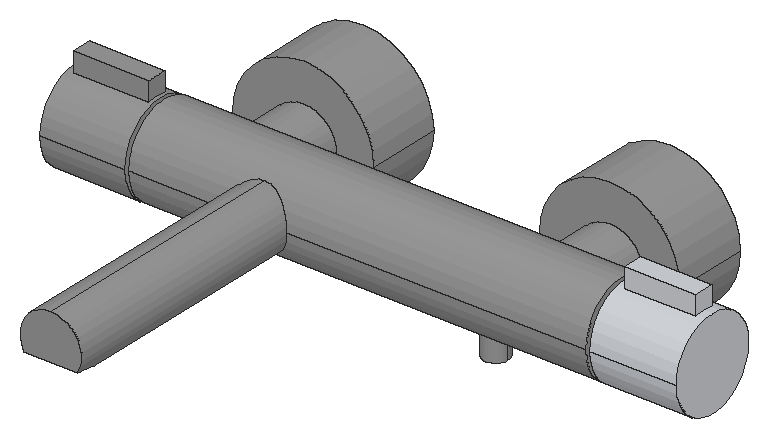
Revit family "KEUCO_53920010100", category Sanitärinstallationen, Revit 2016
Family settings
  Teiletyp = Normal
  Bemaßung runder Anschluss = Durchmesser verwenden
  OmniClass-Nummer = 23.45.00.00
  Arbeitsebenenbasiert = Nein
  Immer vertikal = Ja
  Beim Laden mit Abzugskörper schneiden = Nein
  Gemeinsam genutzt = Nein
  Raumberechnungspunkt = Nein
Parameters (values of type "53920010100")
  Verwendung = "WA"  # constant formula
  URL = "https://www.keuco.com/de/produkte/sortiment/artikel/?pid=53920&oid=1&pgo=3&country=de&lang=de&vid=53920010100"
  Preisgruppe = "1"  # constant formula
  Materialien bei Hersteller anfragen = "Anfrage zu:  objektmanagement@keuco.de"
  Länge = 222 mm
  Material Wasserhahn [instance] = Aluminium 1100-H18
  Serie = "Plan S"  # constant formula
  Kategorie = "ARM"  # constant formula
  Hersteller = "KEUCO"  # constant formula
  VerbindungsAbstand = 150 mm  # constant formula
  Gewicht = 4.292
  Beschreibung = "für AP Montage\r\nAb- und Umstellventil mit keramischen Dichtscheiben,\r\nMischventil mit keramischen Dichtscheiben,\r\nSchlauchanschluss DN15\r\n(Durchflussmenge begrenzt auf 12 l/min.),\r\nEigensicher gegen Rückfließen,\r\nStichmaß 150 +/- 14 mm,\r\nfür Durchlauferhitzer geeignet,\r\nmit Luftsprudler M 28x1,\r\nDurchflussmenge ca. 24 l/min.\r\ngeräuschgeprüft"
  Ausschreibungstext = "KEUCO PLAN BLUE Wannenmischer DN15, 53920010100\r\nhochglanzverchromter Wannenmischer, DN15, \r\nin ästhetischem, funktionalem Design, \r\nfür Aufputz Montage, \r\nMischventil mit keramischen Dichtscheiben, \r\nAb- und Umstellventil mit keramischen Dichtscheiben,\r\nBetätigungselement aus Metall,\r\nSchlauchanschluss DN 15,\r\nDurchflussmenge begrenzt auf 12 l/min.,\r\nEigensicherung gegen Rückfließen,\r\nM 28x1 Luftsprudler, Durchflussmenge ca. 24 l/min.,\r\ngeeignet für Durchlauferhitzer,\r\nGrundkörperdurchmesser 44 mm, Breite 310 mm,\r\nAusladung 222 mm\r\nRosettenkappe, Durchmesser 69 mm, \r\nals Design-Element ebenfalls hochglanzverchromt,\r\nStichmaß 150 mm, Toleranzklasse +/- 14 mm"
  Artikelnummer = "53920010100"
Types (3, lengths in mm): name | URL | Materialien bei Hersteller anfragen | Länge | Material Wasserhahn | Beschreibung | Ausschreibungstext | Artikelnummer
  53920010100 | "https://www.keuco.com/de/produkte/sortiment/artikel/?pid=53920&oid=1&pgo=3&country=de&lang=de&vid=53920010100" | "Anfrage zu:  objektmanagement@keuco.de" | 222 | Aluminium 1100-H18 | "für AP Montage\r\nAb- und Umstellventil mit keramischen Dichtscheiben,\r\nMischventil mit keramischen Dichtscheiben,\r\nSchlauchanschluss DN15\r\n(Durchflussmenge begrenzt auf 12 l/min.),\r\nEigensicher gegen Rückfließen,\r\nStichmaß 150 +/- 14 mm,\r\nfür Durchlauferhitzer geeignet,\r\nmit Luftsprudler M 28x1,\r\nDurchflussmenge ca. 24 l/min.\r\ngeräuschgeprüft" | "KEUCO PLAN BLUE Wannenmischer DN15, 53920010100\r\nhochglanzverchromter Wannenmischer, DN15, \r\nin ästhetischem, funktionalem Design, \r\nfür Aufputz Montage, \r\nMischventil mit keramischen Dichtscheiben, \r\nAb- und Umstellventil mit keramischen Dichtscheiben,\r\nBetätigungselement aus Metall,\r\nSchlauchanschluss DN 15,\r\nDurchflussmenge begrenzt auf 12 l/min.,\r\nEigensicherung gegen Rückfließen,\r\nM 28x1 Luftsprudler, Durchflussmenge ca. 24 l/min.,\r\ngeeignet für Durchlauferhitzer,\r\nGrundkörperdurchmesser 44 mm, Breite 310 mm,\r\nAusladung 222 mm\r\nRosettenkappe, Durchmesser 69 mm, \r\nals Design-Element ebenfalls hochglanzverchromt,\r\nStichmaß 150 mm, Toleranzklasse +/- 14 mm" | "53920010100"
  52920070100 | "https://www.keuco.com/de/produkte/sortiment/artikel/?pid=52920&oid=1&pgo=3&country=de&lang=de&vid=52920070100" | "Request to:  objektmanagement@keuco.de" | 170 | Edelstahl | "für AP Montage\r\nAb- und Umstellventil mit keramischen Dichtscheiben,\r\nMischventil mit keramischen Dichtscheiben,\r\nSchlauchanschluss DN15\r\n(Durchflussmenge begrenzt auf 15 l/min.),\r\nEigensicher gegen Rückfließen,\r\nStichmaß 150 +/- 14 mm,\r\nfür Durchlauferhitzer geeignet,\r\nmit Luftsprudler M 28x1,\r\nDurchflussmenge ca. 35 l/min." | "KEUCO PLAN S - Wannenmischer DN 15, 52920070100\r\nWannenmischer in Edelstahl-finish, DN 15,\r\nin ästhetischem Design,für Aufputz-Montage, \r\nAb- und Umstellventil mit keramischen Dichtscheiben,\r\nMischventil mit keramischen Dichtscheiben,\r\nSchlauchanschluss DN 15, Durchflussmenge begrenzt auf 15 l/min.,\r\nEigensicher gegen Rückfließen,\r\nLuftsprudler M24 x 1, Durchflussmenge ca. 35 l/min.,\r\ngeeignet für Durchlauferhitzer,\r\nGesamthöhe 124 mm, Breite 350 mm, Ausladung max. 218 mm,\r\nStichmaß 150 mm, Toleranzklasse +/- 14 mm" | "52920070100"
  52920170100 | "https://www.keuco.com/de/produkte/sortiment/artikel/?pid=52920&oid=1&pgo=3&country=de&lang=de&vid=52920170100" | "Request to:  objektmanagement@keuco.de" | 170 | Aluminium 1100-H18 | "für AP Montage\r\nAb- und Umstellventil mit keramischen Dichtscheiben,\r\nMischventil mit keramischen Dichtscheiben,\r\nSchlauchanschluss DN15\r\n(Durchflussmenge begrenzt auf 15 l/min.),\r\nEigensicher gegen Rückfließen,\r\nStichmaß 150 +/- 14 mm,\r\nfür Durchlauferhitzer geeignet,\r\nmit Luftsprudler M 28x1,\r\nDurchflussmenge ca. 35 l/min." | "KEUCO PLAN S - Wannenmischer DN 15, 52920170100\r\nWannenmischer in Aluminium-finish, DN 15,\r\nin ästhetischem Design,für Aufputz-Montage, \r\nAb- und Umstellventil mit keramischen Dichtscheiben,\r\nMischventil mit keramischen Dichtscheiben,\r\nSchlauchanschluss DN 15, Durchflussmenge begrenzt auf 15 l/min.,\r\nEigensicher gegen Rückfließen,\r\nLuftsprudler M24 x 1, Durchflussmenge ca. 35 l/min.,\r\ngeeignet für Durchlauferhitzer,\r\nGesamthöhe 124 mm, Breite 350 mm, Ausladung max. 218 mm,\r\nStichmaß 150 mm, Toleranzklasse +/- 14 mm" | "52920170100"
Reference planes
  plane 1 "Center (Front/Back)": y = 0
  plane 2: z = 0
  plane 3 "Center (Left/Right)": x = 0
  plane 4: y = -75
  plane 5: x = -75
  plane 6: x = 75
  plane 7: x = -50
  plane 8: x = 50
  plane 9: y = -222
Forms (mm)
  Extrusion 1, solid, material "Aluminium 1100-H18" <- "Material Wasserhahn"
    sketch origin (0, 0, 0) x (1, 0, 0) y (0, 0, 1)
      loop
        circle (-75, 0) r 34.5
    from 0 to 36.39
  Extrusion 2, solid, material "Aluminium 1100-H18" <- "Material Wasserhahn"
    sketch origin (0, 1.179, 0) x (1, 0, 0) y (0, 1, 0)
      loop
        circle (50, -76.179) r 6
    from -33.591 to 0
  Extrusion 3, solid, material "Aluminium 1100-H18" <- "Material Wasserhahn"
    sketch origin (150, 0, 0) x (1, 0, 0) y (0, 0, 1)
      loop
        circle (-75, 0) r 34.5
    from 0 to 36.39
  Extrusion 4, solid, material "Aluminium 1100-H18" <- "Material Wasserhahn"
    sketch origin (0, 0, 0) x (1, 0, 0) y (0, 0, 1)
      loop
        circle (-75, 0) r 16
    from 36.39 to 75
  Extrusion 5, solid, material "Aluminium 1100-H18" <- "Material Wasserhahn"
    sketch origin (0, 0, 0) x (1, 0, 0) y (0, 0, 1)
      loop
        circle (75, 0) r 16
    from 36.39 to 75
  Extrusion 6, solid, material "Aluminium 1100-H18" <- "Material Wasserhahn", detail levels fine
    sketch origin (0, 0, 0) x (0, 1, 0) y (0, 0, 1)
      loop
        circle (-75, 0) r 22
    from -155.416 to -113.668
  Extrusion 7, solid, material "Aluminium 1100-H18" <- "Material Wasserhahn"
    sketch origin (0, 0, 0) x (0, 1, 0) y (0, 0, 1)
      loop
        circle (-75, 0) r 22
    from -111.755 to 111.612
  Extrusion 8, solid, detail levels fine
    sketch origin (0, 0, 0) x (0, 1, 0) y (0, 0, 1)
      loop
        circle (-75, 0) r 22
    from 113.561 to 155.97
  Sweep 9, solid, material "Aluminium 1100-H18" <- "Material Wasserhahn"
    path origin (-50, -1524, -46.036) x (0, 0, 1) y (0, -1, 0)
      loop
        line (46.036, -1449) -> (46.036, -1302)
    profile origin (-50, -148.5, 0) x (0, 0, -1) y (1, 0, 0)
      loop
        circle (0, 0) r 15
  Extrusion 10, void
    sketch origin (-50, -1524, -51.036) x (0, 0, -1) y (0, -1, 0)
      loop
        line (-26.17, -1378.557) -> (28.83, -1378.557) -> (28.83, -1271.057) -> (-51.036, -1271.057) -> (-26.17, -1378.557)
    from -20.304 to 16.829
  Extrusion 11, solid, material "Aluminium 1100-H18" <- "Material Wasserhahn", detail levels fine
    sketch origin (0, 0.027, 0.055) x (0, 1, 0) y (0, 0, 1)
      loop
        line (-69.915, 14.495) -> (-69.915, 30.75) -> (-79.915, 30.75) -> (-79.915, 14.495) -> (-69.915, 14.495)
    from -152.653 to -116.053
  Extrusion 12, solid, detail levels fine
    sketch origin (0, 0.027, 0.055) x (0, 1, 0) y (0, 0, 1)
      loop
        line (-69.915, 14.495) -> (-69.915, 30.75) -> (-79.915, 30.75) -> (-79.915, 14.495) -> (-69.915, 14.495)
    from 116.881 to 151.574
Cuts and joins
  Extrusion 10 cuts Sweep 9
  joined: Extrusion 2, Extrusion 4, Extrusion 5, Extrusion 7, Sweep 9
  joined: Extrusion 8, Extrusion 12
Lines and regions (mm)
  symbolic lines, detail levels coarse
    curve 1: circle (0, -50.005, 0) r 15 normal (0, 0, 1)
    curve 2: line (-11.734, -40.66, 0) -> (-81.016, 9.34, 0)
    curve 3: line (-81.016, 9.34, 0) -> (-81.016, -109.349, 0)
    curve 4: line (11.734, -40.66, 0) -> (81.016, 9.34, 0)
    curve 5: line (81.016, 9.34, 0) -> (81.016, -109.349, 0)
    curve 24: line (-11.734, -59.349, 0) -> (-81.016, -109.349, 0)
    curve 25: line (11.734, -59.349, 0) -> (81.016, -109.349, 0)
  symbolic lines, detail levels medium+fine
    curve 6: line (-109.5, 0, 0) -> (-40.5, 0, 0)
    curve 7: line (-109.5, -36.39, 0) -> (-109.5, 0, 0)
    curve 8: line (-40.5, -36.39, 0) -> (-109.5, -36.39, 0)
    curve 9: line (-40.5, 0, 0) -> (-40.5, -36.39, 0)
    curve 10: line (40.5, 0, 0) -> (109.5, 0, 0)
    curve 11: line (40.5, -36.39, 0) -> (40.5, 0, 0)
    curve 12: line (109.5, -36.39, 0) -> (40.5, -36.39, 0)
    curve 13: line (109.5, 0, 0) -> (109.5, -36.39, 0)
    curve 14: line (-155.416, -53, 0) -> (155.97, -53, 0)
    curve 15: line (-155.416, -97, 0) -> (-155.416, -53, 0)
    curve 16: line (155.97, -97, 0) -> (-155.416, -97, 0)
    curve 17: line (155.97, -53, 0) -> (155.97, -97, 0)
    curve 20: line (-91.016, -36.39, 0) -> (-91.016, -53, 0)
    curve 21: line (-59, -36.39, 0) -> (-59, -53, 0)
    curve 22: line (58.941, -36.39, 0) -> (58.941, -53, 0)
    curve 23: line (91.016, -36.39, 0) -> (91.016, -53, 0)
  symbolic lines, detail levels fine
    curve 18: line (-111.755, -53, 0) -> (-111.755, -97, 0)
    curve 19: line (111.612, -53, 0) -> (111.612, -97, 0)
  symbolic lines, not visible, detail levels coarse
    curve 26: circle (0, -50.005, 0) r 15 normal (0, 0, 1)
    curve 27: line (-11.734, -40.66, 0) -> (-81.016, 9.34, 0)
    curve 28: line (-81.016, 9.34, 0) -> (-81.016, -109.349, 0)
    curve 29: line (11.734, -40.66, 0) -> (81.016, 9.34, 0)
    curve 30: line (81.016, 9.34, 0) -> (81.016, -109.349, 0)
    curve 31: line (-11.734, -59.349, 0) -> (-81.016, -109.349, 0)
    curve 32: line (11.734, -59.349, 0) -> (81.016, -109.349, 0)
Dimensions and locks
  locked: plane 1 "Center (Front/Back)" to Extrusion 1 at 36.39
  locked: plane 1 "Center (Front/Back)" to plane 4 at 75
  equal spacing: plane 6, plane 3 "Center (Left/Right)", plane 5
  "VerbindungsAbstand": plane 6 to plane 5
  Extrusion 6 to Extrusion 6 to Extrusion 7 to plane 3 "Center (Left/Right)" to Extrusion 7 to Extrusion 8 to Extrusion 8 = 41.749 mm locked, 1.913 mm locked, 111.755 mm locked, 111.612 mm locked, 1.949 mm locked, 42.409 mm locked
  "Länge": plane 1 "Center (Front/Back)" to plane 9
  aligned and locked: level to plane 2
  aligned and locked: plane 4 to Extrusion 4
  aligned and locked: plane 4 to Extrusion 5
  aligned and locked: Extrusion 3 to Extrusion 1
  aligned and locked: Extrusion 4 to Extrusion 1
  aligned and locked: Extrusion 5 to Extrusion 1
  aligned and locked: plane 4 to Extrusion 2
  aligned and locked: plane 9 to Sweep 9 sketch curve
Automatic sketch dimensions
  Extrusion 1 sketch curve to level = 0 mm
  Extrusion 1 sketch curve to plane 5 = 0 mm
  Extrusion 3 sketch curve to level = 0 mm
  Extrusion 3 sketch curve to plane 6 = 0 mm
  Extrusion 4 sketch curve to level = 0 mm
  Extrusion 4 sketch curve to plane 5 = 0 mm
  Extrusion 5 sketch curve to level = 0 mm
  Extrusion 5 sketch curve to plane 6 = 0 mm
  plane 1 "Center (Front/Back)" to curve 7 = 0 mm
  plane 1 "Center (Front/Back)" to curve 11 = 0 mm
  plane 5 to curve 6 = 34.5 mm
  curve 14 to plane 4 = 22 mm
  curve 14 to curve 7 = 45.916 mm
  curve 12 to plane 6 = 34.5 mm
  curve 12 to curve 17 = 46.47 mm
  curve 19 to curve 12 = 16.61 mm
  curve 21 to curve 9 = 16.61 mm
  plane 5 to curve 21 = 16 mm
  curve 20 to plane 5 = 16.016 mm
  curve 18 to curve 7 = 2.255 mm
  curve 22 to plane 6 = 16.059 mm
  plane 6 to curve 23 = 16.016 mm
  curve 12 to curve 19 = 2.112 mm
  Extrusion 6 sketch curve to level = 0 mm
  Extrusion 6 sketch curve to plane 4 = 0 mm
  Extrusion 7 sketch curve to level = 0 mm
  Extrusion 7 sketch curve to plane 4 = 0 mm
  Extrusion 8 sketch curve to level = 0 mm
  Extrusion 8 sketch curve to plane 4 = 0 mm
  curve 7 to plane 5 = 34.5 mm
  curve 23 to curve 13 = 18.484 mm
  plane 4 to curve 16 = 22 mm
  plane 3 "Center (Left/Right)" to Extrusion 2 sketch curve = 50 mm
  plane 4 to Extrusion 2 sketch curve = 0 mm
  Sweep 9 sketch curve to plane 7 = 0 mm
  Sweep 9 sketch curve to profile plane = 0 mm
  Sweep 9 sketch curve to level = 0 mm
  Sweep 9 sketch curve to plane 4 = 0 mm
  Extrusion 10 sketch curve to level = 0 mm
  Extrusion 10 sketch curve to level = 24.866 mm
  Extrusion 10 sketch curve to Extrusion 10 sketch curve = 55 mm
  plane 4 to Extrusion 10 sketch curve = 70.443 mm
  plane 9 to Extrusion 10 sketch curve = 30.943 mm
  plane 4 to Extrusion 11 sketch curve = 4.888 mm
  Extrusion 11 sketch curve to plane 4 = 5.112 mm
  level to Extrusion 11 sketch curve = 14.55 mm
  Extrusion 11 sketch curve to Extrusion 11 sketch curve = 16.255 mm
  plane 4 to Extrusion 12 sketch curve = 4.888 mm
  Extrusion 12 sketch curve to plane 4 = 5.112 mm
  level to Extrusion 12 sketch curve = 14.55 mm
  Extrusion 12 sketch curve to Extrusion 12 sketch curve = 16.255 mm
  radius of Extrusion 1 sketch curve = 34.5 mm
  radius of Extrusion 3 sketch curve = 34.5 mm
  radius of Extrusion 4 sketch curve = 16 mm
  radius of Extrusion 5 sketch curve = 16 mm
  radius of Extrusion 6 sketch curve = 22 mm
  radius of Extrusion 7 sketch curve = 22 mm
  radius of Extrusion 8 sketch curve = 22 mm
  radius of Extrusion 2 sketch curve = 6 mm
  radius of Sweep 9 sketch curve = 15 mm
